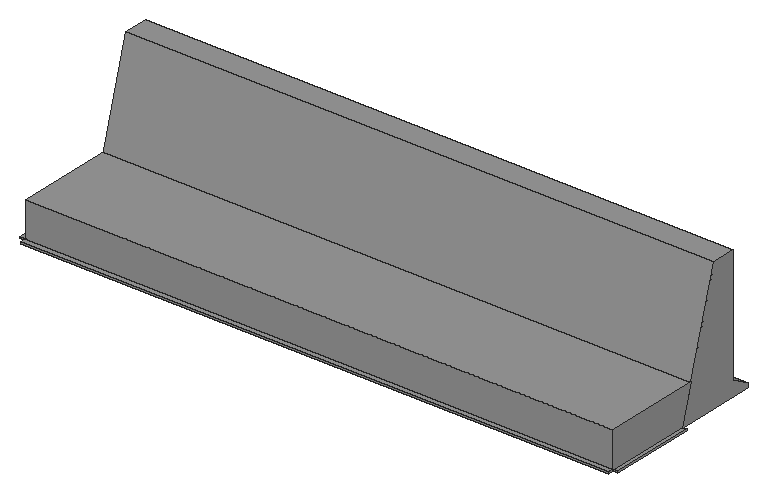
Revit family "Lavatory_Deck-Willoughby-CWLD-4", category Plumbing Fixtures, Revit 2015
Parameters (values of type "Standard")
  water line = Copper
  Waste Connection = no
  Vent Connection = no
  URL = "https://www.willoughby-ind.com/wp-content/uploads/2018/01/CWLD.pdf"
  Revision = "A"
  Model = "CWLD-4"
  Manufacturer = "Willoughby Industries"
  LAV HW DIA = 1/2"
  LAV CW DIA = 1/2"
  HW Connection = yes
  Fixture Body = Stainless Steel AISI 304-Willoughby
  Description = "4 Station Lavatory Deck"
  Default Elevation = 0' - 0"
  Contact = "(800) 428-4065"
  CW Connection = yes
Reference planes (in)
  plane 1 "Center (Front/Back)Floor Lewvel": y = 0
  plane 2: z = 0
  plane 3 "Center (Left/Right)": x = 0
  plane 4 "Deck HGT": y = 34
  plane 5 "Top Of unit": y = 37
  plane 6: y = 30
  plane 7 "Base Off Floor": y = 9.5
  plane 8: y = 23.5
  plane 9: x = -36
  plane 10: x = 36
  plane 11: z = 0.75
  plane 12: z = 2.5
  plane 13 "Front Of Deck": z = 21.5
  plane 14: z = 6
  plane 15: z = 12.125
  plane 16: x = 12
  plane 17: x = -12
  plane 18 "Water Connections": y = 12
  plane 19: x = -2
  plane 20: x = 2
  plane 21: x = -48
  plane 22: x = 48
Forms (in)
  Extrusion 1, solid, material "Stainless Steel AISI 304-Willoughby" <- "Fixture Body"
    sketch origin (0, 0, 0) x (0, 1, 0) y (0, 0, 1)
      loop
        line (37, 0) -> (37, 0.75) -> (34, 2.5) -> (34, 21.5) -> (30, 21.5) -> (23.5, 0) -> (37, 0)
    from -48 to 48
  Extrusion 2, solid, material "Stainless Steel AISI 304-Willoughby" <- "Fixture Body"
    sketch origin (0, 0, 0) x (0, 1, 0) y (0, 0, 1)
      loop
        line (23.5, 0) -> (25.31395, 6) -> (9.5, 6) -> (9.5, 0) -> (23.5, 0)
    from -48 to 48
  Revolve 3, void
    sketch origin (36, 0, 0) x (0, 1, 0) y (0, 0, 1)
      loop
        line (34.13753, 12.125) -> (29, 12.125) -> (29, 10.875)
        arc (29, 10.875) -> (30.43353, 6.66829) -> (34.13753, 4.21232) r 6.88906
        line (34.13753, 4.21232) -> (34.13753, 12.125)
      axis (34.13753, 12.125) -> (29, 12.125)
    angle from 0 to 360
  Revolve 4, void
    sketch origin (-36, 0, 0) x (0, 1, 0) y (0, 0, 1)
      loop
        line (34.13753, 12.125) -> (29, 12.125) -> (29, 10.875)
        arc (29, 10.875) -> (30.43353, 6.66829) -> (34.13753, 4.21232) r 6.88906
        line (34.13753, 4.21232) -> (34.13753, 12.125)
      axis (34.13753, 12.125) -> (29, 12.125)
    angle from 0 to 360
  Revolve 5, solid, material "Copper" <- "water line"
    sketch origin (-2, 12, 0) x (-1, 0, 0) y (0, 0, 1)
      loop
        line (-4, 0) -> (-3.75, 0) -> (-3.75, 2.5) -> (-4, 2.5) -> (-4, 0)
      axis (-4, 2.5) -> (-4, 0)
    angle from 0 to 360
  Revolve 6, solid, material "Copper" <- "water line"
    sketch origin (-6, 12, 0) x (-1, 0, 0) y (0, 0, 1)
      loop
        line (-4, 0) -> (-3.75, 0) -> (-3.75, 2.5) -> (-4, 2.5) -> (-4, 0)
      axis (-4, 2.5) -> (-4, 0)
    angle from 0 to 360
  Extrusion 7, solid, material "Stainless Steel AISI 304-Willoughby" <- "Fixture Body"
    sketch origin (0, 0, 0) x (1, 0, 0) y (0, 1, 0)
      loop
        line (-48, 23.5) -> (-49, 23.5) -> (-49, 9.5) -> (-48, 9.5) -> (-48, 23.5)
    from 0 to 0.1875
  Extrusion 8, solid, material "Stainless Steel AISI 304-Willoughby" <- "Fixture Body"
    sketch origin (0, 0, 0) x (1, 0, 0) y (0, 1, 0)
      loop
        line (-48, 9.5) -> (-48, 8.5) -> (48, 8.5) -> (48, 9.5) -> (-48, 9.5)
    from 0 to 0.1875
  Extrusion 9, solid, material "Stainless Steel AISI 304-Willoughby" <- "Fixture Body"
    sketch origin (0, 0, 0) x (1, 0, 0) y (0, 1, 0)
      loop
        line (48, 9.5) -> (48.75, 9.5) -> (48.75, 23.5) -> (48, 23.5) -> (48, 9.5)
    from 0 to 0.1875
  Revolve 10, void
    sketch origin (-12, 0, 0) x (0, 1, 0) y (0, 0, 1)
      loop
        line (34.13753, 12.125) -> (29, 12.125) -> (29, 10.875)
        arc (29, 10.875) -> (30.43353, 6.66829) -> (34.13753, 4.21232) r 6.88906
        line (34.13753, 4.21232) -> (34.13753, 12.125)
      axis (34.13753, 12.125) -> (29, 12.125)
    angle from 0 to 360
  Revolve 11, void
    sketch origin (12, 0, 0) x (0, 1, 0) y (0, 0, 1)
      loop
        line (34.13753, 12.125) -> (29, 12.125) -> (29, 10.875)
        arc (29, 10.875) -> (30.43353, 6.66829) -> (34.13753, 4.21232) r 6.88906
        line (34.13753, 4.21232) -> (34.13753, 12.125)
      axis (34.13753, 12.125) -> (29, 12.125)
    angle from 0 to 360
  Extrusion 12, solid
    sketch origin (0, 0, 0) x (1, 0, 0) y (0, 1, 0)
      loop
        circle (33, 23) r 0.75
    from 0 to -0.0625
  Extrusion 13, solid
    sketch origin (-24, 0, 0) x (1, 0, 0) y (0, 1, 0)
      loop
        circle (33, 23) r 0.75
    from 0 to -0.0625
  Extrusion 14, solid
    sketch origin (-48, 0, 0) x (1, 0, 0) y (0, 1, 0)
      loop
        circle (33, 23) r 0.75
    from 0 to -0.0625
  Extrusion 15, solid
    sketch origin (-72, 0, 0) x (1, 0, 0) y (0, 1, 0)
      loop
        circle (33, 23) r 0.75
    from 0 to -0.0625
Cuts and joins
  Revolve 3, Revolve 4, Revolve 10, Revolve 11 cuts Extrusion 1
Lines and regions (in)
  symbolic lines
    curve 1: line (-48, 9.5, 0) -> (48, 9.5, 0)
    curve 2: line (48, 9.5, 0) -> (48, 37, 0)
    curve 3: line (48, 37, 0) -> (-48, 37, 0)
    curve 4: line (-48, 37, 0) -> (-48, 9.5, 0)
    curve 7: line (-48, 30, 0) -> (48, 30, 0)
    curve 8: line (48, 34, 0) -> (-48, 34, 0)
    curve 18: line (48, 12, 0) -> (48, 12, 21.5)
    curve 19: line (48, 12, 21.5) -> (-48, 12, 21.5)
    curve 20: line (-48, 12, 21.5) -> (-48, 12, 0)
    curve 21: line (-48, 12, 0) -> (48, 12, 0)
    curve 34: line (0, 9.5, 0) -> (0, 37, 0)
    curve 35: line (0, 37, 0) -> (0, 37, 0.75)
    curve 36: line (0, 37, 0.75) -> (0, 34, 2.5)
    curve 37: line (0, 34, 2.5) -> (0, 34, 21.5)
    curve 38: line (0, 34, 21.5) -> (0, 30, 21.5)
    curve 39: line (0, 30, 21.5) -> (0, 25.31395, 6)
    curve 40: line (0, 25.31395, 6) -> (0, 9.5, 6)
    curve 41: line (0, 9.5, 6) -> (0, 9.5, 0)
  symbolic lines, detail levels medium+fine
    curve 5: line (-48, 23.5, 0) -> (48, 23.5, 0)
    curve 6: line (48, 25.31395, 0) -> (-48, 25.31395, 0)
    curve 28: line (-48, 12, 0.75) -> (48, 12, 0.75)
    curve 29: line (48, 12, 2.5) -> (-48, 12, 2.5)
    curve 33: line (48, 12, 0.1875) -> (-48, 12, 0.1875)
  symbolic lines, detail levels fine
    curve 9: line (-48, 23.5, 0) -> (-49, 23.5, 0)
    curve 10: line (-49, 23.5, 0) -> (-49, 9.5, 0)
    curve 11: line (-49, 9.5, 0) -> (-48, 9.5, 0)
    curve 12: line (-48, 8.5, 0) -> (48, 8.5, 0)
    curve 13: line (48, 8.5, 0) -> (48, 9.5, 0)
    curve 14: line (48.75, 9.5, 0) -> (48.75, 23.5, 0)
    curve 15: line (48.75, 23.5, 0) -> (48, 23.5, 0)
    curve 16: line (-48, 9.5, 0) -> (-48, 8.5, 0)
    curve 17: line (48.75, 9.5, 0) -> (48, 9.5, 0)
    curve 22: line (48, 12, 0) -> (48.75, 12, 0)
    curve 23: line (48.75, 12, 0) -> (48.75, 12, 0.1875)
    curve 24: line (48.75, 12, 0.1875) -> (48, 12, 0.1875)
    curve 25: line (-48, 12, 0.1875) -> (-49, 12, 0.1875)
    curve 26: line (-49, 12, 0.1875) -> (-49, 12, 0)
    curve 27: line (-49, 12, 0) -> (-48, 12, 0)
    curve 30: circle (-12, 12, 12.125) r 7.875 normal (0, 1, 0)
    curve 31: circle (12, 12, 12.125) r 7.875 normal (0, 1, 0)
    curve 32: circle (36, 12, 12.125) r 7.875 normal (0, 1, 0)
    curve 42: circle (-36, 12, 12.125) r 7.875 normal (0, 1, 0)
Dimensions and locks (in)
  plane 1 "Center (Front/Back)Floor Lewvel" to plane 7 "Base Off Floor" = 0' - 9 1/2"
  plane 8 to plane 7 "Base Off Floor" = 1' - 2"
  plane 5 "Top Of unit" to plane 4 "Deck HGT" = 0' - 3"
  plane 4 "Deck HGT" to plane 6 = 0' - 4"
  plane 13 "Front Of Deck" to level = 1' - 9 1/2"
  plane 14 to level = 0' - 6"
  locked: plane 5 "Top Of unit" to plane 7 "Base Off Floor" at 27.5
  plane 1 "Center (Front/Back)Floor Lewvel" to plane 5 "Top Of unit" = 3' - 1"
  locked: plane 18 "Water Connections" to plane 7 "Base Off Floor" at 2.5
  plane 9 to plane 17 = 2' - 0"
  plane 17 to plane 3 "Center (Left/Right)" = 1' - 0"
  plane 16 to plane 10 = 2' - 0"
  plane 9 to plane 3 "Center (Left/Right)" = 3' - 0"
  plane 10 to plane 22 = 1' - 0"
  locked: plane 21 to plane 22 at 96
  plane 19 to plane 3 "Center (Left/Right)" = 0' - 2"
  plane 3 "Center (Left/Right)" to plane 20 = 0' - 2"
  equal spacing: group 4, group 3, group 2, group 1
  equal spacing: group 1, group 2, group 3, group 4  (x2)
  aligned and locked: plane 4 "Deck HGT" to Extrusion 1
  aligned and locked: plane 13 "Front Of Deck" to Extrusion 1
  aligned and locked: Extrusion 1 to level
  aligned and locked: plane 5 "Top Of unit" to Extrusion 1
  aligned and locked: Extrusion 1 to Extrusion 2 sketch curve
  aligned and locked: Extrusion 2 to plane 7 "Base Off Floor"
  aligned and locked: plane 14 to Extrusion 2
  aligned and locked: Extrusion 2 to level
  aligned and locked: Extrusion 2 to Extrusion 1
  aligned and locked: Revolve 5 sketch curve to Revolve 5 sketch curve  (x2)
  aligned and locked: Revolve 6 sketch curve to Revolve 6 sketch curve  (x2)
  aligned and locked: plane 7 "Base Off Floor" to Extrusion 8
  aligned and locked: plane 8 to Extrusion 9
  aligned and locked: Extrusion 9 to plane 7 "Base Off Floor"
  aligned and locked: Extrusion 2 to plane 22
  aligned and locked: curve 14 to Extrusion 9
Connectors (in)
  piping at (-2, 12, 0), diameter 0.5, driven by "HW Connection", driven by "LAV HW DIA"
    settings: on Revolve 6, index 1, connector inside diameter 24", connector length 0' - 0", flow factor 0, pipe flow 0 GPM, pressure drop 0.00 psi, fitting loss kfactor 0, connector angle 0.00°, fixture units 0, engagement length 0' - 0", angle of deflection 0.00°, flow configuration 0, flow direction 1, fitting loss method 0, system type 19, joint type 0, gender type 0, connector reference index -1, connector utility 1, adjustable connector no, is connector primary yes, connector description "HW Inlet"
  piping at (2, 12, 0), diameter 0.5, driven by "CW Connection", driven by "LAV CW DIA"
    settings: on Revolve 5, index 2, connector inside diameter 24", connector length 0' - 0", flow factor 0, pipe flow 0 GPM, pressure drop 0.00 psi, fitting loss kfactor 0, connector angle 0.00°, fixture units 0, engagement length 0' - 0", angle of deflection 0.00°, flow configuration 0, flow direction 1, fitting loss method 0, system type 20, joint type 0, gender type 0, connector reference index -1, connector utility 1, adjustable connector no, is connector primary no, connector description "CW Inlet"
